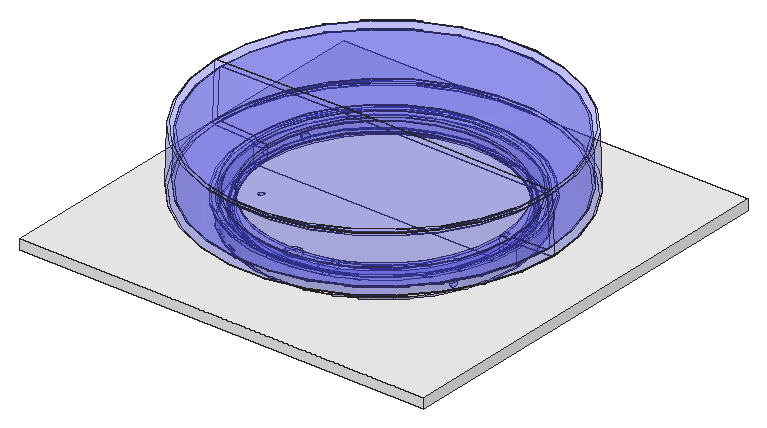
Revit family "BE_34287P_de_DE", category Leuchten, Revit 2015
Parameters (values of type "BEGA_34287P_K4")
  built-in parameter 1150104 = 12.44 (stored number, unit not read)
  Wattage = 16.8 W
  Default Elevation = 0 mm
  built-in parameter 1150113 = 1 (stored number, unit not read)
  built-in parameter 1114218 = 1 (stored number, unit not read)
  Umgebungstemperatur = ""
  URL = "http://www.bega.de/produkt/34287P"
  Typenkommentare = "© 2017 BEGA. Wir behalten uns das Recht vor, technische Änderungen ohne vorherige Ankündigung vorzunehmen."  # constant formula
  built-in parameter 1150134 = 12
  built-in parameter 1150109 = 1 (stored number, unit not read)
  Strom = ""
  built-in parameter 1150110 = 1 (stored number, unit not read)
  Spannung = 239.996 V
  Sonderanfertigung = no
  Seriennummer [instance] = "Hier können Sie die eindeutige Seriennummer für das Facility Management eintragen."
  Schutzklasse = "I"
  Schutzart = "IP 44"
  Scheinlast = 0 VA
  Produktdatenblatt = "http://www.bega.de/download/Xrfa/db/34287P.db.de.pdf"
  Oberflächentemperatur = ""
  Neigungswinkel = 0.00°
  Modell = "34287PK4"
  Material_17 = BEGA_Reflektor
  Material_15 = BEGA_Leuchtmedium_matt
  Material_14 = BEGA_Kunststoff_opal
  Material_11 = BEGA_Glas_opal
  Material_09 = BEGA_Glas_klar
  Material_06 = BEGA_Oberfläche_Edelstahl_gebürstet
  Material_05 = BEGA_Oberfläche_Aluminium Guss
  Material_03 = BEGA_Oberfläche_Weiss_matt
  Material_02 = BEGA_Oberfläche_Silber_matt
  Material_01 [instance] = BEGA_Oberfläche_Grafit_matt
  M_W = no
  M_G = no
  M_A = no
  Logo = 0
  built-in parameter 1114217 = 1 (stored number, unit not read)
  built-in parameter 1150139 = (empty or 0)
  built-in parameter 1150105 = 179.01 (stored number, unit not read)
  built-in parameter 1150114 = 1 (stored number, unit not read)
  Lumens = 2249.52 lm
  built-in parameter 1150115 = 1 (stored number, unit not read)
  Leuchtenlichtstrom = "1758 lm"
  Leuchtenanzahl = ""
  Lebensdauerkriterien = "L70B50 @ 25 °C = 265000 h"
  Lastklassifizierung = Beleuchtung
  built-in parameter 1150112 = 1 (stored number, unit not read)
  Lampenlichtstrom = "2250 lm"
  Lampe = "LED 16.8 W"
  LED_Modulbezeichnung = "LED-0569/840 "
  Hersteller = "BEGA"  # constant formula
  Halbstreuwinkel = ""
  Gewicht = "2.7 kg"
  Gebrauchslageneinschränkung [instance] = ""
  Frequenz = "0/50-60 Hz"
  Farbwiedergabeindex = "Ra > 80"
  Farbtemperaturverschiebung bei Dämpfen der Lampe = <Keine Auswahl>
  Farbtemperatur = "4000 K"
  Color Filter = 16777215
  built-in parameter 1150133 = 10 (stored number, unit not read)
  Energieeffizienzklasse = "LED A++ - A"
  built-in parameter 1150137 = (empty or 0)
  built-in parameter 1150132 = (empty or 0)
  ENEC = ""
  Dimmbar [instance] = "DALI"
  Datei für fotometrisches Netz = "BE_34287K4_PRE.IES"
  CE_Konformität = "ja"
  Bestellnummer = "34287PK4"
  Beschreibung_Sonderanfertigung = "Hier können Sie Informationen zur Sonderanfertigung eintragen."
  Beschreibung = "Decken- und Wandleuchte"
  built-in parameter 1150106 = 1.7901 (stored number, unit not read)
  Befestigungsbohrung = "Ø 5,5 mm"
  Befestigungsabstand = "200 mm"
  Ballwurfsicher = ""
  BEGA_Intern_aus = yes
  BEGA_Intern_an = yes
  BEGA_Intern_Konstruktion = yes
  BEGA_Intern = yes
  BEGA_IES = yes
  BEGA_Dummy = no
  Anschlussleitung = ""
  Anschlussleistung [instance] = "19.3 W"
  Anschlusskasten = ""
  built-in parameter 1150107 = 4000 (stored number, unit not read)
  built-in parameter 1150102 = (empty or 0)
  built-in parameter 1150138 = (empty or 0)
  Aktualisierung = "2017-08-30T04:09:44"
  Abstand_zur_angestrahlten_Fläche [instance] = ""
  AC/DC = "AC/DC"
Types (2, lengths in mm): name | built-in parameter 1150134 | Modell | LED_Modulbezeichnung | Farbtemperatur | Datei für fotometrisches Netz | Bestellnummer | built-in parameter 1150107
  BEGA_34287P_K3 | (empty or 0) | "34287P" | "LED-0569/830 " | "3000 K" | "BE_34287P_PRE.IES" | "34287P" | 3000 (stored number, unit not read)
  BEGA_34287P_K4 | 12 | "34287PK4" | "LED-0569/840 " | "4000 K" | "BE_34287K4_PRE.IES" | "34287PK4" | 4000 (stored number, unit not read)
Reference planes
  plane 1 "Mitte (Vorne/Hinten)": y = 0
  plane 2: z = 0
  plane 3 "Mitte (Links/Rechts)": x = 0
  plane 4 "Links": x = -168.948
  plane 5 "Rechts": x = 168.948
  plane 6 "Unten": y = -168.9
  plane 7 "Oben": y = 168.9
  plane 8 "Vorne": z = 85.255
  plane 9 "Hinten": z = 0
Forms (mm)
  Extrusion 1, solid, material "BEGA_Platte_Weiss"
    sketch origin (0, -1119.2, 0) x (1, 0, 0) y (0, 1, 0)
      loop
        line (-200, 1319.2) -> (-200, 919.2) -> (200, 919.2) -> (200, 1319.2) -> (-200, 1319.2)
    from 0 to -10
  Extrusion 2, solid, material "BEGA_Dummy_matt", visible <- "BEGA_Dummy"
    sketch origin (77.149, -76.023, 0) x (1, 0, 0) y (0, 1, 0)
      loop
        circle (-77.149, 76.023) r 168.948
    from 0 to 85.255
Dimensions and locks
  plane 1 "Mitte (Vorne/Hinten)" to Extrusion 1 = 200 mm
  aligned and locked: plane 2 to Extrusion 1
  aligned and locked: level to Extrusion 1
Nested families
  nested 1: "BE_34287P" at (0, 0, 0), type "BE_34287P"
Connectors
  electrical at (0, 0, 0), driven by "Lastklassifizierung", driven by "Spannung", driven by "Scheinlast"
    settings: index 1, voltage 239.996 V, apparent load 0 VA, apparent load phase1 0 VA, apparent load phase2 0 VA, apparent load phase3 0 VA, power factor 1, load classification "Beleuchtung", number of poles 1, system type 31, power factor state 1, is connector primary yes, connector utility no, sub classification motor no, connector description ""
Definition of nested family "BE_34287P"
  Parameters (values of type "BE_34287P")
    Default Elevation = 1 mm
    URL = "http://www.bega.de/de/produkt"
    Type Comments = "© 2015 BEGA. Wir behalten uns das Recht vor, technische Änderungen ohne vorherige Ankündigung vorzunehmen. "  # constant formula
    Type Image = (empty or 0)
    Neigungswinkel_um_Z2 = 0.00°
    Neigungswinkel_um_Z1 = 0.00°
    Neigungswinkel_um_Y2 = 0.00°
    Neigungswinkel_um_Y1 = 0.00°
    Neigungswinkel_um_X2 = 0.00°
    Neigungswinkel_um_X1 = 0.00°
    Material_17 = none
    Material_15 = none
    Material_14 = none
    Material_11 = none
    Material_09 = none
    Material_06 = none
    Material_05 = none
    Material_03 = none
    Material_02 = none
    Material_01 = none
    M_W = yes
    M_G = yes
    M_A = yes
    Länge_Platte = 450 mm  # constant formula
    Höhe_Platte = -10 mm  # constant formula
    Manufacturer = "BEGA"  # constant formula
    Drehwinkel_um_Z2 = 0.00°
    Drehwinkel_um_Z1 = 0.00°
    Breite_Platte = 450 mm  # constant formula
  Reference planes
    plane 1 "Mitte (Oben/Unten)": y = 0
    plane 2: z = 0
    plane 3 "Mitte (Links/Rechts)": x = 0
    plane 4: x = -168.948
    plane 5: z = 85.255
    plane 6: x = 168.948
    plane 7: y = -168.9
    plane 8: y = 168.9
  Forms (mm)
    Extrusion 1, solid, detail levels medium
      sketch origin (0, 0, 0) x (1, 0, 0) y (0, 1, 0)
        loop
          line (-225, 225) -> (-225, -225) -> (225, -225) -> (225, 225) -> (-225, 225)
      from 0 to -10 <- "Höhe_Platte"
    Revolve 2, solid, material <- "Material_03", detail levels medium+fine
      sketch origin (0, 0, 0) x (1, 0, 0) y (0, 0, 1)
        loop
          line (-131.35, 4) -> (-131.63, 20.036)
          arc (-131.63, 20.036) -> (-132.229, 21.427) -> (-133.63, 22) r 2
          line (-133.63, 22) -> (-135, 22) -> (-135, 24) -> (-133.627, 24)
          arc (-133.627, 24) -> (-130.825, 22.852) -> (-129.631, 20.07) r 4
          line (-129.631, 20.07) -> (-129.367, 4.983)
          arc (-129.367, 4.983) -> (-129.068, 4.287) -> (-128.367, 4) r 1
          line (-128.367, 4) -> (0, 4) -> (0, 1.99) -> (-129.29, 1.99)
          arc (-129.29, 1.99) -> (-130.714, 2.586) -> (-131.3, 4) r 2
        axis (0, 1.99) -> (0, 24)
      angle from 0 to 360
    Revolve 3, solid, material <- "Material_03", detail levels medium+fine
      sketch origin (0, 0, 0) x (1, 0, 0) y (0, 0, 1)
        loop
          arc (-124.759, 2.845) -> (-122.212, 0.75) -> (-119, 0) r 7.249
          line (-119, 0) -> (-119, 2.845) -> (-124.759, 2.845)
        axis (-119, 0) -> (-119, 2.845)
      angle from 0 to 360
    Revolve 4, solid, material <- "Material_03", detail levels medium+fine
      sketch origin (0, 0, 0) x (0, -1, 0) y (0, 0, 1)
        loop
          arc (-124.759, 2.845) -> (-122.212, 0.75) -> (-119, 0) r 7.249
          line (-119, 0) -> (-119, 2.845) -> (-124.759, 2.845)
        axis (-119, 0) -> (-119, 2.845)
      angle from 0 to 360
    Revolve 5, solid, material <- "Material_03", detail levels medium+fine
      sketch origin (0, 0, 0) x (0, 1, 0) y (0, 0, 1)
        loop
          arc (-124.759, 2.845) -> (-122.212, 0.75) -> (-119, 0) r 7.249
          line (-119, 0) -> (-119, 2.845) -> (-124.759, 2.845)
        axis (-119, 0) -> (-119, 2.845)
      angle from 0 to 360
    Revolve 6, solid, material <- "Material_03", detail levels medium+fine
      sketch origin (0, 0, 0) x (-1, 0, 0) y (0, 0, 1)
        loop
          arc (-124.759, 2.845) -> (-122.212, 0.75) -> (-119, 0) r 7.249
          line (-119, 0) -> (-119, 2.845) -> (-124.759, 2.845)
        axis (-119, 0) -> (-119, 2.845)
      angle from 0 to 360
    Revolve 7, solid, material <- "Material_14", detail levels medium+fine
      sketch origin (0, 0, 0) x (1, 0, 0) y (0, 0, 1)
        loop
          arc (-165.579, 83.3) -> (-166.944, 82.717) -> (-167.531, 81.353) r 2
          line (-167.531, 81.353) -> (-168.948, 27.237)
          arc (-168.948, 27.237) -> (-168.406, 25.815) -> (-167.021, 25.186) r 2
          line (-167.021, 25.186) -> (-130.472, 23.91)
          arc (-130.472, 23.91) -> (-129.762, 21.529) -> (-127.5, 20.5) r 3
          line (-127.5, 20.5) -> (-118.75, 20.5) -> (-118.75, 14.266)
          arc (-118.75, 14.266) -> (-118.957, 13.658) -> (-119.491, 13.301) r 1
          line (-119.491, 13.301) -> (-120.509, 13.029)
          arc (-120.509, 13.029) -> (-121.043, 12.671) -> (-121.25, 12.062) r 1
          line (-121.25, 12.062) -> (-121.25, 8.5) -> (-117.25, 8.5) -> (-117.25, 11.116) -> (-115.732, 11.523)
          arc (-115.732, 11.523) -> (-114.663, 12.239) -> (-114.25, 13.457) r 2
          line (-114.25, 13.457) -> (-114.25, 22.559)
          arc (-114.25, 22.559) -> (-114.448, 24.079) -> (-115.024, 25.5) r 6
          line (-115.024, 25.5) -> (-125.52, 25.5)
          arc (-125.52, 25.5) -> (-126.227, 27.799) -> (-128.395, 28.84) r 3
          line (-128.395, 28.84) -> (-161.889, 30.009)
          arc (-161.889, 30.009) -> (-163.277, 30.638) -> (-163.82, 32.062) r 2
          line (-163.82, 32.062) -> (-162.659, 76.463)
          arc (-162.659, 76.463) -> (-162.072, 77.828) -> (-160.706, 78.411) r 1.999
          arc (-160.706, 78.411) -> (-80.358, 79.793) -> (0, 80.254) r 7008.517
          line (0, 80.254) -> (0, 85.255)
          arc (0, 85.255) -> (-82.795, 84.766) -> (-165.579, 83.3) r 7013.52
        axis (0, 85.255) -> (0, 8.5)
      angle from 0 to 360
    Extrusion 8, void
      sketch origin (0, 0, 0) x (1, 0, 0) y (0, 1, 0)
        loop
          circle (93.969, 34.202) r 2.75
        loop
          circle (-93.969, -34.202) r 2.75
        loop
          circle (-17.5, -90) r 8.5
        loop
          circle (17.5, -90) r 8.5
      from 0 to 6
    Revolve 9, solid, material <- "Material_06", detail levels fine
      sketch origin (0, 0, 11) x (1, 0, 0) y (0, 1, 0)
        loop
          line (-119.997, 53.917) -> (-121.371, 50.972) -> (-114.944, 47.975) -> (-113.571, 50.92) -> (-119.997, 53.917)
        axis (-114.944, 47.975) -> (-121.371, 50.972)
      angle from 0 to 360
    Revolve 10, solid, material <- "Material_06", detail levels fine
      sketch origin (0, 0, 11) x (-0.642788, 0.766044, 0) y (-0.766044, -0.642788, 0)
        loop
          line (-119.997, -53.917) -> (-113.571, -50.92) -> (-114.944, -47.975) -> (-121.371, -50.972) -> (-119.997, -53.917)
        axis (-114.944, -47.975) -> (-121.371, -50.972)
      angle from 0 to 360
  Cuts and joins
    Extrusion 8 cuts Revolve 2
    Extrusion 8 cuts Revolve 3
    Extrusion 8 cuts Revolve 4
    Extrusion 8 cuts Revolve 5
    Extrusion 8 cuts Revolve 6
    joined: Revolve 2, Revolve 3, Revolve 4, Revolve 5, Revolve 6
  Dimensions and locks
    equal spacing: Extrusion 1 sketch curve, plane 3 "Mitte (Links/Rechts)", Extrusion 1 sketch curve
    equal spacing: Extrusion 1 sketch curve, plane 1 "Mitte (Oben/Unten)", Extrusion 1 sketch curve
    "Länge_Platte": Extrusion 1 sketch curve to Extrusion 1 sketch curve
    "Breite_Platte": Extrusion 1 sketch curve to Extrusion 1 sketch curve
    aligned and locked: Extrusion 1 to plane 2
    aligned and locked: level to Extrusion 1
  Automatic sketch dimensions
    Revolve 2 sketch curve to plane 3 "Mitte (Links/Rechts)" = 0 mm  (x2)
    level to Revolve 2 sketch curve = 4 mm  (x2)
    Revolve 2 sketch curve to Revolve 2 sketch curve = 0.933 mm
    level to Revolve 2 sketch curve = 20.036 mm
    Revolve 2 sketch curve to Revolve 2 sketch curve = 3.263 mm
    Revolve 2 sketch curve to Revolve 2 sketch curve = 1.997 mm
    Revolve 2 sketch curve to Revolve 2 sketch curve = 2 mm  (x4)
    Revolve 2 sketch curve to Revolve 2 sketch curve = 0 mm  (x9)
    Revolve 2 sketch curve to Revolve 2 sketch curve = 1.37 mm  (x2)
    level to Revolve 2 sketch curve = 1.99 mm
    Revolve 2 sketch curve to Revolve 2 sketch curve = 1 mm
    Revolve 2 sketch curve to Revolve 2 sketch curve = 0.036 mm
    Revolve 2 sketch curve to Revolve 2 sketch curve = 0.01 mm  (x2)
    Revolve 2 sketch curve to Revolve 2 sketch curve = 0.067 mm
    level to Revolve 2 sketch curve = 4.983 mm
    level to Revolve 2 sketch curve = 20.07 mm
    Revolve 2 sketch curve to Revolve 2 sketch curve = 0.05 mm
    Revolve 2 sketch curve to Revolve 2 sketch curve = 0.569 mm
    level to Revolve 3 sketch curve = 2.845 mm
    Revolve 3 sketch curve to Revolve 3 sketch curve = 5.758 mm
    Revolve 3 sketch curve to Revolve 3 sketch curve = 0 mm  (x3)
    level to Revolve 3 sketch curve = 0 mm
    Revolve 3 sketch curve to Revolve 3 sketch curve = 0.469 mm
    level to Revolve 4 sketch curve = 2.845 mm
    Revolve 4 sketch curve to Revolve 4 sketch curve = 5.758 mm
    Revolve 4 sketch curve to Revolve 4 sketch curve = 0 mm  (x3)
    level to Revolve 4 sketch curve = 0 mm
    Revolve 4 sketch curve to Revolve 4 sketch curve = 0.469 mm
    level to Revolve 5 sketch curve = 2.845 mm
    Revolve 5 sketch curve to Revolve 5 sketch curve = 5.758 mm
    Revolve 5 sketch curve to Revolve 5 sketch curve = 0 mm  (x3)
    level to Revolve 5 sketch curve = 0 mm
    Revolve 5 sketch curve to Revolve 5 sketch curve = 0.469 mm
    level to Revolve 6 sketch curve = 2.845 mm
    Revolve 6 sketch curve to Revolve 6 sketch curve = 5.758 mm
    Revolve 6 sketch curve to Revolve 6 sketch curve = 0 mm  (x3)
    level to Revolve 6 sketch curve = 0 mm
    Revolve 6 sketch curve to Revolve 6 sketch curve = 0.469 mm
    Revolve 7 sketch curve to plane 3 "Mitte (Links/Rechts)" = 0 mm  (x2)
    level to Revolve 7 sketch curve = 22.559 mm
    Revolve 7 sketch curve to Revolve 7 sketch curve = 0.774 mm
    Revolve 7 sketch curve to Revolve 7 sketch curve = 2 mm  (x2)
    Revolve 7 sketch curve to Revolve 7 sketch curve = 1 mm  (x4)
    Revolve 7 sketch curve to Revolve 7 sketch curve = 4.5 mm
    Revolve 7 sketch curve to Revolve 7 sketch curve = 0.5 mm
    Revolve 7 sketch curve to Revolve 7 sketch curve = 1.5 mm
    Revolve 7 sketch curve to Revolve 7 sketch curve = 5.269 mm
    Revolve 7 sketch curve to Revolve 7 sketch curve = 1.98 mm
    level to Revolve 7 sketch curve = 23.91 mm
    Revolve 7 sketch curve to Revolve 7 sketch curve = 1.972 mm
    Revolve 7 sketch curve to Revolve 7 sketch curve = 31.349 mm
    Revolve 7 sketch curve to Revolve 7 sketch curve = 0.068 mm
    Revolve 7 sketch curve to Revolve 7 sketch curve = 1.998 mm
    Revolve 7 sketch curve to Revolve 7 sketch curve = 1.999 mm  (x5)
    Revolve 7 sketch curve to Revolve 7 sketch curve = 2.873 mm
    Revolve 7 sketch curve to Revolve 7 sketch curve = 3.129 mm
    Revolve 7 sketch curve to Revolve 7 sketch curve = 0.072 mm
    plane 3 "Mitte (Links/Rechts)" to Revolve 7 sketch curve = 0 mm
    plane 3 "Mitte (Links/Rechts)" to Revolve 7 sketch curve = 0.003 mm
    Revolve 7 sketch curve to Revolve 7 sketch curve = 0.007 mm
    Revolve 7 sketch curve to Revolve 7 sketch curve = 2.052 mm
    Revolve 7 sketch curve to Revolve 7 sketch curve = 6.233 mm
    Revolve 7 sketch curve to Revolve 7 sketch curve = 0.001 mm
    Revolve 7 sketch curve to Revolve 7 sketch curve = 0.809 mm
    Revolve 7 sketch curve to Revolve 7 sketch curve = 2.205 mm
    Revolve 7 sketch curve to Revolve 7 sketch curve = 2.341 mm
    Revolve 7 sketch curve to Revolve 7 sketch curve = 2.616 mm
    Revolve 7 sketch curve to level = 6928.263 mm
    Revolve 7 sketch curve to Revolve 7 sketch curve = 0.002 mm
    level to Revolve 7 sketch curve = 25.186 mm
    Revolve 7 sketch curve to Revolve 7 sketch curve = 2.342 mm
    Revolve 7 sketch curve to Revolve 7 sketch curve = 2.825 mm
    Revolve 7 sketch curve to Revolve 7 sketch curve = 44.404 mm
    Revolve 7 sketch curve to Revolve 7 sketch curve = 0.051 mm
    level to Revolve 7 sketch curve = 80.254 mm
    Revolve 7 sketch curve to Revolve 7 sketch curve = 2.889 mm
    Revolve 7 sketch curve to Revolve 7 sketch curve = 5.001 mm
    Revolve 7 sketch curve to Revolve 7 sketch curve = 1.518 mm
    level to Revolve 7 sketch curve = 11.523 mm
    Revolve 7 sketch curve to Revolve 7 sketch curve = 0 mm  (x12)
    Revolve 7 sketch curve to Revolve 7 sketch curve = 0.259 mm  (x2)
    level to Revolve 7 sketch curve = 13.301 mm
    level to Revolve 7 sketch curve = 13.029 mm
    level to Revolve 7 sketch curve = 28.84 mm
    Revolve 7 sketch curve to Revolve 7 sketch curve = 0.105 mm
    Revolve 7 sketch curve to Revolve 7 sketch curve = 0.047 mm
    Revolve 7 sketch curve to Revolve 7 sketch curve = 14.999 mm
    Revolve 7 sketch curve to Revolve 7 sketch curve = 0.052 mm
    Revolve 9 sketch curve to plane 1 "Mitte (Oben/Unten)" = 53.917 mm
    Revolve 9 sketch curve to Revolve 9 sketch curve = 1.374 mm  (x2)
    Revolve 9 sketch curve to plane 1 "Mitte (Oben/Unten)" = 47.975 mm
    Revolve 9 sketch curve to Revolve 9 sketch curve = 6.426 mm
    Revolve 9 sketch curve to Revolve 9 sketch curve = 2.945 mm
    Revolve 9 sketch curve to Revolve 9 sketch curve = 1.945 mm
    Revolve 9 sketch curve to Revolve 9 sketch curve = 4.067 mm
    Revolve 9 sketch curve to Revolve 9 sketch curve = 1.896 mm
    Revolve 9 sketch curve to Revolve 9 sketch curve = 0.907 mm
    plane 1 "Mitte (Oben/Unten)" to Revolve 10 sketch curve = 60.211 mm
    Revolve 10 sketch curve to Revolve 10 sketch curve = 1.374 mm  (x2)
    Revolve 10 sketch curve to Revolve 10 sketch curve = 6.426 mm
    Revolve 10 sketch curve to Revolve 10 sketch curve = 2.946 mm
    Revolve 10 sketch curve to Revolve 10 sketch curve = 2.945 mm
    Revolve 10 sketch curve to Revolve 10 sketch curve = 1.945 mm
    Revolve 10 sketch curve to Revolve 10 sketch curve = 4.067 mm
    Revolve 10 sketch curve to Revolve 10 sketch curve = 0.907 mm
    Revolve 10 sketch curve to Revolve 10 sketch curve = 1.896 mm
    Revolve 2 sketch curve to plane 4 = 40.581 mm
    Revolve 3 sketch curve to plane 4 = 44.19 mm
    plane 4 to Revolve 7 sketch curve = 0 mm
    Revolve 7 sketch curve to plane 4 = 3.416 mm
    Revolve 9 sketch curve to plane 4 = 47.578 mm
    Revolve 6 sketch curve to plane 6 = 44.19 mm
    Revolve 10 sketch curve to plane 6 = 51.886 mm
    plane 7 to Revolve 5 sketch curve = 44.141 mm
    plane 8 to Revolve 4 sketch curve = 44.141 mm
    plane 1 "Mitte (Oben/Unten)" to Extrusion 8 sketch curve = 34.202 mm
    Extrusion 8 sketch curve to plane 4 = 74.979 mm
    Extrusion 8 sketch curve to plane 3 "Mitte (Links/Rechts)" = 17.5 mm
    plane 3 "Mitte (Links/Rechts)" to Extrusion 8 sketch curve = 17.5 mm
    Extrusion 8 sketch curve to plane 1 "Mitte (Oben/Unten)" = 34.202 mm
    Extrusion 8 sketch curve to plane 6 = 74.979 mm
    plane 7 to Extrusion 8 sketch curve = 78.9 mm
    Extrusion 8 sketch curve to Extrusion 8 sketch curve = 0 mm
    radius of Extrusion 8 sketch curve = 2.75 mm  (x2)
    radius of Extrusion 8 sketch curve = 8.5 mm  (x2)
